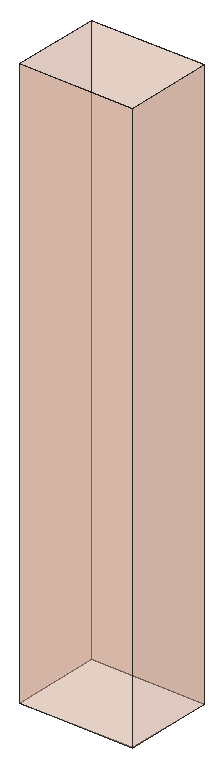
Revit family "SEQP_Elevator", category Specialty Equipment, Revit 2024
Family settings
  Round Connector Dimension = Use Diameter
  Part Type = Normal
  Work Plane-Based = No
  Enable Cutting in Views = No
  Always vertical = Yes
  Cut with Voids When Loaded = No
  Maintain Annotation Orientation = No
  Shared = No
  Room Calculation Point = No
Parameters (values of type "2300mm x 2900mm")
  Total Travel Distance [instance] = 9200 mm
  Side Machine = not(Rear Machine)  # no
  Rear Machine = yes
  Pit Depth = 1600 mm
  Overhead Clear = 3900 mm
  Machine Width = 1100 mm
  Machine Depth = 150 mm
  Hoistway Width = 2900 mm
  Hoistway Depth = 2300 mm
  EA_Repath [instance] = 0 mm
  Door Thickness = (Cab Panel Thickness) * 0.5  # 25 mm
  Door Opening Width = 1200 mm
  Cab Width = 2000 mm
  Cab Panel Thickness = 50 mm
  Cab Depth = 1850 mm
  Default Elevation = 0 mm
Reference planes
  plane 1 "Center (Front/Back)": y = 0
  plane 2: z = 0
  plane 3 "Center (Left/Right)": x = 0
  plane 4: x = -1000
  plane 5: x = -1450
  plane 6: x = 1000
  plane 7: x = 1450
  plane 8: y = -1050
  plane 9: y = 1250
  plane 10: y = 925
  plane 11: y = -925
  plane 12: z = -1600
  plane 13: z = 9200
  plane 14: z = 13100
  plane 15: x = -950
  plane 16: x = 950
  plane 17: y = 875
  plane 18: y = -875
  plane 19: y = -750
  plane 20: x = -600
  plane 21: x = 600
  plane 22: y = -887.5
  plane 23: y = -912.5
  plane 24: y = -900
  plane 25: y = 1012.5
  plane 26: y = 1162.5
  plane 27: x = -550
  plane 28: x = 550
  plane 29: y = 1087.5
  plane 30: x = 1188.1
  plane 31: x = 1263.1
  plane 32: x = 1338.1
  plane 33: y = 550
  plane 34: y = -550
  plane 35: x = 1076.2
Forms (mm)
  Extrusion 1, solid
    sketch origin (0, 0, 0) x (1, 0, 0) y (0, 1, 0)
      loop
        line (-1448.413, 1248.413) -> (-1448.413, -1048.412) -> (1448.412, -1048.412) -> (1448.412, 1248.413) -> (-1448.413, 1248.413)
      loop
        line (-1450, 1250) -> (-1450, -1050) -> (1450, -1050) -> (1450, 1250) -> (-1450, 1250)
    from -1600 to 13100
Lines and regions (mm)
  symbolic lines
    curve 1: line (-1000, 925, 0) -> (1000, 925, 0)
    curve 2: line (-1000, -925, 0) -> (-1000, 925, 0)
    curve 3: line (1000, -925, 0) -> (-1000, -925, 0)
    curve 4: line (1000, 925, 0) -> (1000, -925, 0)
    curve 5: line (-950, 875, 0) -> (-950, -750, 0)
    curve 6: line (950, 875, 0) -> (-950, 875, 0)
    curve 7: line (950, -750, 0) -> (950, 875, 0)
    curve 8: line (-1000, -875, 0) -> (-600, -875, 0)
    curve 9: line (-950, 875, 0) -> (950, -750, 0)
    curve 10: line (-950, -750, 0) -> (950, 875, 0)
    curve 11: line (-950, -750, 0) -> (-600, -750, 0)
    curve 12: line (-600, -750, 0) -> (-600, -875, 0)
    curve 13: line (950, -750, 0) -> (600, -750, 0)
    curve 14: line (600, -750, 0) -> (600, -875, 0)
    curve 15: line (600, -875, 0) -> (1000, -875, 0)
    curve 16: line (-600, -887.5, 0) -> (0, -887.5, 0)
    curve 17: line (-600, -912.5, 0) -> (-600, -887.5, 0)
    curve 18: line (600, -912.5, 0) -> (0, -912.5, 0)
    curve 19: line (600, -887.5, 0) -> (600, -912.5, 0)
    curve 20: line (0, -887.5, 0) -> (0, -912.5, 0)
    curve 21: line (0, -887.5, 0) -> (600, -887.5, 0)
    curve 22: line (0, -912.5, 0) -> (-600, -912.5, 0)
    curve 23: line (-1000, -925, 0) -> (-1125, -925, 0)
    curve 24: line (-1125, -925, 0) -> (-1125, -1050, 0)
    curve 25: line (1000, -925, 0) -> (1125, -925, 0)
    curve 26: line (1125, -925, 0) -> (1125, -1050, 0)
  symbolic lines, visible <- "Rear Machine"
    curve 27: line (-550, 1162.5, 0) -> (550, 1162.5, 0)
    curve 28: line (-550, 1012.5, 0) -> (-550, 1162.5, 0)
    curve 29: line (550, 1012.5, 0) -> (-550, 1012.5, 0)
    curve 30: line (550, 1162.5, 0) -> (550, 1012.5, 0)
  symbolic lines, visible <- "Side Machine"
    curve 31: line (1188.1, 550, 0) -> (1338.1, 550, 0)
    curve 32: line (1188.1, -550, 0) -> (1188.1, 550, 0)
    curve 33: line (1338.1, -550, 0) -> (1188.1, -550, 0)
    curve 34: line (1338.1, 550, 0) -> (1338.1, -550, 0)
Dimensions and locks
  "Hoistway Depth": plane 9 to plane 8
  "Hoistway Width": plane 5 to plane 7
  "Cab Depth": plane 10 to plane 11
  equal spacing: plane 10, plane 1 "Center (Front/Back)", plane 11
  equal spacing: plane 4, plane 3 "Center (Left/Right)", plane 6
  "Cab Width": plane 4 to plane 6
  "Pit Depth": plane 2 to plane 12
  "Total Travel Distance": plane 13 to plane 2
  "Overhead Clear": plane 14 to plane 13
  locked: Extrusion 1 sketch curve to Extrusion 1 sketch curve at 1.587  (x3)
  locked: Extrusion 1 sketch curve to Extrusion 1 sketch curve at 1.588
  "Cab Panel Thickness": plane 16 to plane 6
  "Cab Panel Thickness": plane 4 to plane 15
  "Cab Panel Thickness": plane 18 to plane 11
  "Cab Panel Thickness": plane 10 to plane 17
  equal spacing: plane 20, plane 3 "Center (Left/Right)", plane 21
  "Door Opening Width": plane 20 to plane 21
  equal spacing: plane 18, plane 24, plane 11
  equal spacing: plane 22, plane 24, plane 23
  plane 19 to plane 18 = 125 mm
  locked: plane 11 to plane 8 at 125
  locked: curve 24 to plane 4 at 125
  locked: plane 6 to curve 26 at 125
  plane 25 to plane 10 = 87.5 mm
  "Machine Depth": plane 26 to plane 25
  equal spacing: plane 27, plane 3 "Center (Left/Right)", plane 28
  "Machine Width": plane 27 to plane 28
  equal spacing: plane 9, plane 29, plane 10
  equal spacing: plane 26, plane 29, plane 25
  "Door Thickness": plane 22 to plane 23
  plane 35 to plane 30 = 111.9 mm
  equal spacing: plane 30, plane 31, plane 32
  equal spacing: plane 35, plane 31, plane 7
  equal spacing: plane 33, plane 1 "Center (Front/Back)", plane 34
  "Machine Width": plane 33 to plane 34
  "Machine Depth": plane 30 to plane 32
  locked: plane 6 to plane 35 at 76.2
  equal spacing: plane 5, plane 3 "Center (Left/Right)", plane 7
  aligned and locked: level to plane 2
  aligned and locked: Extrusion 1 to plane 12
  aligned and locked: plane 14 to Extrusion 1
  aligned and locked: Extrusion 1 to plane 9
  aligned and locked: Extrusion 1 to plane 5
  aligned and locked: plane 7 to Extrusion 1
  aligned and locked: Extrusion 1 to plane 8
  aligned and locked: curve 1 to plane 10
  aligned and locked: plane 4 to curve 2
  aligned and locked: plane 11 to curve 3
  aligned and locked: curve 4 to plane 6
  aligned and locked: plane 1 "Center (Front/Back)" to nested 1
  aligned and locked: nested 1 to plane 4
  aligned and locked: nested 4 to plane 1 "Center (Front/Back)"
  aligned and locked: nested 2 to plane 4
  aligned and locked: plane 4 to nested 3
  aligned and locked: nested 4 to plane 6
  aligned and locked: nested 5 to plane 6
  aligned and locked: plane 6 to nested 6
  aligned and locked: plane 15 to curve 5
  aligned and locked: plane 17 to curve 6
  aligned and locked: plane 16 to curve 7
  aligned and locked: plane 18 to curve 15
  aligned and locked: plane 19 to curve 11
  aligned and locked: plane 19 to curve 13
  aligned and locked: curve 12 to plane 20
  aligned and locked: curve 14 to plane 21
  aligned and locked: curve 16 to plane 22
  aligned and locked: plane 20 to curve 17
  aligned and locked: plane 23 to curve 18
  aligned and locked: curve 19 to plane 21
  aligned and locked: curve 20 to plane 3 "Center (Left/Right)"
  aligned and locked: curve 27 to plane 26
  aligned and locked: plane 27 to curve 28
  aligned and locked: plane 25 to curve 29
  aligned and locked: curve 30 to plane 28
  aligned and locked: plane 35 to nested 5
  aligned and locked: curve 31 to plane 33
  aligned and locked: plane 30 to curve 32
  aligned and locked: plane 34 to curve 33
  aligned and locked: curve 34 to plane 32
  aligned and locked: nested 6 to plane 35
Automatic sketch dimensions
  Extrusion 1 sketch curve to plane 5 = 0 mm
  Extrusion 1 sketch curve to plane 7 = 0 mm
  Extrusion 1 sketch curve to plane 8 = 0 mm
  plane 9 to Extrusion 1 sketch curve = 0 mm
  curve 24 to plane 8 = 0 mm
  curve 26 to plane 8 = 0 mm
  curve 21 to plane 22 = 0 mm
  curve 8 to plane 18 = 0 mm
Nested families
  nested 1: "05_SSTF_MC Shapes_Section" at (-1000, -13.451, 0) x (-1, 0, 0) z (0, 0, 1), type "MC6X16.3"
  nested 2: "05_AISC MC SHAPES-TOP" at (-1000, 76.19, 0) x (-1, 0, 0) z (0, 0, 1), type "MC3x7.1"
    with built-in parameter 1001306 0.25 (stored number, unit not read)
  nested 3: "05_AISC MC SHAPES-TOP" at (-1000, -76.19, 0) x (-1, 0, 0) z (0, 0, 1), type "MC3x7.1"
    with built-in parameter 1001306 0.25 (stored number, unit not read)
  nested 4: "05_SSTF_MC Shapes_Section" at (1000, -13.451, 0), type "MC6X16.3"
  nested 5: "05_AISC MC SHAPES-TOP" at (1000, 76.19, 0), type "MC3x7.1"
    with built-in parameter 1001306 0.25 (stored number, unit not read)
  nested 6: "05_AISC MC SHAPES-TOP" at (1000, -76.19, 0), type "MC3x7.1"
    with built-in parameter 1001306 0.25 (stored number, unit not read)
Definition of nested family "05_SSTF_MC Shapes_Section"
  Parameters (values of type "MC6X16.3")
    Keynote = "05 12 00.G0"
    A = 0.00309032 m²
    W = 16.3
    bf = 76.2 mm
    d = 152.4 mm
    tf = 12.065 mm
    tw = 9.525 mm
    x = 23.546 mm
  Reference planes
    plane 1 "Center (Front/Back)": y = 62.739
    plane 2: z = 0
    plane 3 "Center (Left/Right)": x = 0
    plane 4: y = -13.451
    plane 5 "Bottom": y = -89.661, in view "Ref. Level"
    plane 6 "Right": x = 76.2, in view "Ref. Level"
    plane 7: y = 50.674, in view "Ref. Level"
    plane 8: y = -77.596, in view "Ref. Level"
    plane 9: x = 64.135, in view "Ref. Level"
    plane 10: x = 9.525, in view "Ref. Level"
  Lines and regions (mm)
    Filled region 1, type "D_Steel_Medium", in view "Ref. Level"
      outline origin (0, -101.6, 0) x (1, 0, 0) y (0, 1, 0)
        loop
          line (0, 164.339) -> (0, 11.958) -> (76.258, 11.958)
          arc (76.258, 11.958) -> (72.73, 20.476) -> (64.213, 24.004) r 12.046
          line (64.213, 24.004) -> (9.525, 32.666) -> (9.525, 143.625) -> (64.135, 152.274)
          arc (64.135, 152.274) -> (72.666, 155.808) -> (76.2, 164.339) r 12.065
          line (76.2, 164.339) -> (0, 164.339)
  Dimensions and locks
    "tf": plane 9 to plane 6 "Right"
    "tf": plane 5 "Bottom" to plane 8
    "tf": plane 7 to plane 1 "Center (Front/Back)"
    "d": plane 5 "Bottom" to plane 1 "Center (Front/Back)"
    "bf": plane 3 "Center (Left/Right)" to plane 6 "Right"
    "tw": plane 3 "Center (Left/Right)" to plane 10
    locked: plane 7 to Filled region 1 sketch curve (angle 9.00°)
    locked: Filled region 1 sketch curve to plane 8 (angle 9.00°)
    aligned and locked: Filled region 1 sketch curve to plane 3 "Center (Left/Right)"
  Automatic sketch dimensions
    Filled region 1 sketch curve to plane 10 = 0 mm
    Filled region 1 sketch curve to plane 7 = 0 mm
    Filled region 1 sketch curve to plane 9 = 0 mm
    Filled region 1 sketch curve to plane 1 "Center (Front/Back)" = 0 mm
    plane 8 to Filled region 1 sketch curve = 0 mm
    Filled region 1 sketch curve to plane 9 = 0.078 mm
    Filled region 1 sketch curve to plane 5 "Bottom" = 0.019 mm
Definition of nested family "05_AISC MC SHAPES-TOP"
  Parameters (values of type "MC8X8.5")
    tf = 7.938 mm
    x = 21.431 mm
    bf = 47.625 mm
    W = 8.5
    built-in parameter 1001306 [instance] = 1219.2 mm
    d = 203.2 mm
    tw = 4.763 mm
    Keynote = "05 12 00.G0"
    A = 0.232258 m²
  Reference planes
    plane 1 "Center (Front/Back)": y = 0
    plane 2: z = 0
    plane 3 "Left": x = 0
    plane 4 "Right": x = 1219.2
    plane 5: y = -203.2, in view "Ref. Level"
  Lines and regions (mm)
    Masking region 1, in view "Ref. Level"
      outline origin (0, 0, 0) x (1, 0, 0) y (0, 1, 0)
        loop
          line (0, -203.2) -> (1219.2, -203.2) -> (1219.2, 0) -> (0, 0) -> (0, -203.2)
    reference lines, in view "Ref. Level"
      curve 1: line (0, 0, 0) -> (1219.2, 0, 0)
    detail lines, in view "Ref. Level"
      curve 2: line (0, -7.938, 0) -> (1219.2, -7.938, 0)
  Dimensions and locks
    "built-in parameter 1001306": plane 3 "Left" to plane 4 "Right"
    "d": plane 5 to plane 1 "Center (Front/Back)"
    "tf": curve 2 to plane 1 "Center (Front/Back)"
    aligned and locked: plane 1 "Center (Front/Back)" to curve 1
    aligned and locked: plane 4 "Right" to curve 1
    aligned and locked: plane 3 "Left" to curve 1
    aligned and locked: Masking region 1 sketch curve to plane 5
    aligned and locked: Masking region 1 sketch curve to plane 1 "Center (Front/Back)"
    aligned and locked: curve 1 to Masking region 1 sketch curve
    aligned and locked: plane 3 "Left" to Masking region 1 sketch curve
  Automatic sketch dimensions
    curve 2 to plane 3 "Left" = 0 mm
    curve 2 to plane 4 "Right" = 0 mm
